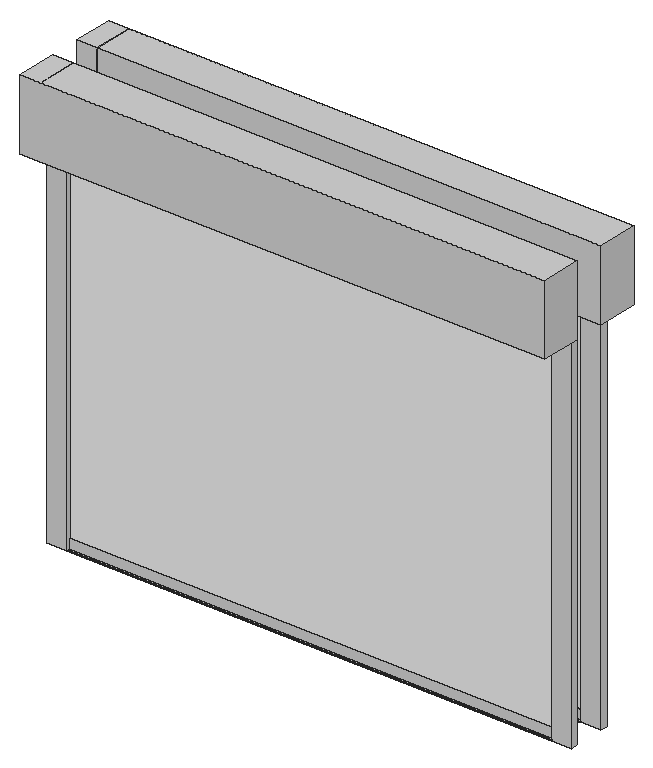
Revit family "DSI-FW119_Smoke-and-Fire-Curtain_Over-Under-Headbox_Door-Systems", category Doors, host Wall, Revit 2021
Family settings
  Host = Wall
  OmniClass Number = 23.30.10.00
  OmniClass Title = Doors
  Always vertical = Yes
  Cut with Voids When Loaded = No
  Shared = No
  Room Calculation Point = No
Parameters (values of type "12" x 21" Head-box #3")
  Wall Thickness_Calc [instance] = if(Wall Thickness > 0' 5 3/4", Wall Thickness, 0' 5 3/4")  # 0' - 9"
  Wall Thickness [instance] = 0' - 9"
  URL = "https://www.doorsysinc.com/"
  Specification = "https://www.arcat.com/company/door-systems-50183/spec"
  Product Page URL = "https://www.arcat.com/arcatcos/cos50/arc50183.html"
  Model = "DSI-FW119"
  Manufacturer = "Door Systems"
  Keynote = "08 33 44"
  Head Box Width_Calc [instance] = if(Head Box Width > 0' 9", Head Box Width, 0' 9")  # 1' - 0"
  Head Box Width = 1' - 0"
  Head Box Height_Calc [instance] = if(Head Box Height > 1' 3", Head Box Height, 1' 3")  # 1' - 9"
  Head Box Height = 1' - 9"
  Function = Interior
  Frame Projection Ext. = 0' - 1"
  Frame Projection Int. = 0' - 1"
  Frame Width = 0' - 3"
  Height = 9' - 0"
  Wall Closure = By host
  Width = 7' - 0"
  Frame Finish = Metal - Steel - Primed
  Define Thermal Properties by = Schematic Type
  CurtainDrop_Viz = yes
  Curtain Finish = HS690-SS FABRIC- FW119
  Copyright = "Arcat, Inc."
  Clear Opening Width [instance] = 12' - 0"
  Clear Opening Height [instance] = 9' - 0"
  CAD Details = "https://www.arcat.com/company/door-systems-50183/cad"
  Analytic Construction = "<None>"
Types (3): name | Head Box Width_Calc | Head Box Width | Head Box Height_Calc | Head Box Height | Clear Opening Height
  9" x 15" Head-box #1 | 0' - 9" | 0' - 9" | 1' - 3" | 1' - 3" | 12' - 0"
  10" x 18" Head-box #2 | 0' - 10" | 0' - 10" | 1' - 6" | 1' - 6" | 9' - 0"
  12" x 21" Head-box #3 | 1' - 0" | 1' - 0" | 1' - 9" | 1' - 9" | 9' - 0"
Reference planes (in)
  plane 1 "Center (Front/Back)": y = 0
  plane 2 "Center (Left/Right)": x = 0
  plane 3 "Left": x = -72
  plane 4 "Right": x = 72
  plane 5 "Top": z = 108
  plane 6 "Exterior": y = 4
  plane 7 "Interior": y = -4
  plane 8: y = 4.5
  plane 9: y = -4.5
  plane 10: y = 6.5
  plane 11: y = 5.5
  plane 12: y = -5.5
  plane 13: y = -6.5
Forms (in)
  Extrusion 1, solid, material "HS690-SS FABRIC- FW119" <- "Curtain Finish"
    sketch origin (0, 0, 0) x (1, 0, 0) y (0, 1, 0)
      loop
        line (-72, 5.57812) -> (-72, 5.42187) -> (72, 5.42187) -> (72, 5.57812) -> (-72, 5.57812)
    from 0 to 108
  Sweep 2, solid, material "Metal - Steel - Primed" <- "Frame Finish"
    path origin (0, 7.5, -36) x (1, 0, 0) y (0, 0, 1)
      loop
        line (-78, 144) -> (78, 144)
    profile origin (0, 7.5, 108) x (0, 0, 1) y (0, -1, 0)
      loop
        line (21, 3) -> (0, 3) -> (0, -9) -> (21, -9) -> (21, 3)
  Sweep 3, solid, material "Metal - Steel - Primed" <- "Frame Finish", visible <- "CurtainDrop_Viz"
    path origin (0, 0, 0) x (1, 0, 0) y (0, 1, 0)
      loop
        line (72, 5.5) -> (-72, 5.5)
    profile origin (0, 5.5, 0) x (0, -1, 0) y (0, 0, 1)
      loop
        line (-1, 0.125) -> (-1, 0) -> (-0.07812, 0) -> (-0.07812, 3) -> (-0.20312, 3) -> (-0.20312, 0.125) -> (-1, 0.125)
      loop
        line (1, 0) -> (1, 0.125) -> (0.20313, 0.125) -> (0.20313, 3) -> (0.07813, 3) -> (0.07813, 0) -> (1, 0)
  Sweep 4, solid, material "Metal - Steel - Primed" <- "Frame Finish"
    path origin (0, -7.5, -36) x (1, 0, 0) y (0, 0, -1)
      loop
        line (-78, -144) -> (78, -144)
    profile origin (0, -7.5, 108) x (0, 0, -1) y (0, 1, 0)
      loop
        line (-21, 3) -> (-21, -9) -> (0, -9) -> (0, 3) -> (-21, 3)
  Extrusion 5, solid, material "Metal - Steel - Primed" <- "Frame Finish"
    sketch origin (0, 0, 0) x (1, 0, 0) y (0, 1, 0)
      loop
        line (-72, 6.5) -> (-78, 6.5) -> (-78, 4.5) -> (-72, 4.5) -> (-72, 5.375) -> (-73.25, 5.375) -> (-73.25, 5.625) -> (-72, 5.625) -> (-72, 6.5)
      loop
        line (72, 4.5) -> (78, 4.5) -> (78, 6.5) -> (72, 6.5) -> (72, 5.625) -> (73.24883, 5.625) -> (73.24883, 5.375) -> (72, 5.375) -> (72, 4.5)
    from 0 to 108
  Extrusion 6, solid, material "Metal - Steel - Primed" <- "Frame Finish"
    sketch origin (0, 0, 0) x (1, 0, 0) y (0, 1, 0)
      loop
        line (-72, -4.5) -> (-78, -4.5) -> (-78, -6.5) -> (-72, -6.5) -> (-72, -5.625) -> (-73.25, -5.625) -> (-73.25, -5.375) -> (-72, -5.375) -> (-72, -4.5)
      loop
        line (78, -4.5) -> (72, -4.5) -> (72, -5.375) -> (73.24883, -5.375) -> (73.24883, -5.625) -> (72, -5.625) -> (72, -6.5) -> (78, -6.5) -> (78, -4.5)
    from 0 to 108
  Extrusion 7, solid, material "HS690-SS FABRIC- FW119" <- "Curtain Finish"
    sketch origin (0, 0, 0) x (1, 0, 0) y (0, 1, 0)
      loop
        line (-72, -5.57812) -> (72, -5.57812) -> (72, -5.42187) -> (-72, -5.42187) -> (-72, -5.57812)
    from 0 to 108
  Sweep 8, solid, material "Metal - Steel - Primed" <- "Frame Finish", visible <- "CurtainDrop_Viz"
    path origin (0, 0, 0) x (1, 0, 0) y (0, 1, 0)
      loop
        line (72, -5.5) -> (-72, -5.5)
    profile origin (0, -5.5, 0) x (0, -1, 0) y (0, 0, 1)
      loop
        line (1, 0.125) -> (0.20312, 0.125) -> (0.20312, 3) -> (0.07812, 3) -> (0.07812, 0) -> (1, 0) -> (1, 0.125)
      loop
        line (-1, 0) -> (-0.07813, 0) -> (-0.07813, 3) -> (-0.20313, 3) -> (-0.20313, 0.125) -> (-1, 0.125) -> (-1, 0)
  Extrusion 9, void
    sketch origin (0, 0, 0) x (0, 1, 0) y (0, 0, 1)
      loop
        line (16.375, 128.875) -> (4.625, 128.875) -> (4.625, 108.125) -> (16.375, 108.125) -> (16.375, 128.875)
      loop
        line (-4.625, 128.875) -> (-16.375, 128.875) -> (-16.375, 108.125) -> (-4.625, 108.125) -> (-4.625, 128.875)
    from -72 to 72
Cuts and joins
  Extrusion 9 cuts Sweep 2
  Extrusion 9 cuts Sweep 4
Lines and regions (in)
  Opening 1
    outline origin (-90, -4, 0) x (1, 0, 0) y (0, 0, 1)
      loop
        line (18, 0) -> (162, 0) -> (162, 129) -> (18, 129) -> (18, 0)
Text (in)
  text "Exterior" at (-74.96733, 27.31104, 0), in view "Ref. Level"
  text "Interior" at (-74.96733, -25.14366, 0), in view "Ref. Level"
  text "Exterior" at (0, 40.15149, 123.01588), in view "Right"
  text "Interior" at (0, -64.39139, 123.01588), in view "Right"
  text "Interior" at (0, -31.01599, 123.00693), in view "Left"
  text "Exterior" at (0, 54.57065, 123.00693), in view "Left"
Dimensions and locks (in)
  equal spacing: plane 3 "Left", plane 2 "Center (Left/Right)", plane 4 "Right"
  "Clear Opening Height": level to plane 5 "Top"
  plane 3 "Left" to plane 4 "Right" = 12' - 0"
  host wall to plane 5 "Top" = 9' - 0"
  locked: Extrusion 1 sketch curve to Extrusion 1 sketch curve at 0.15625
  Extrusion 1 sketch curve to Extrusion 1 sketch curve = 0' - 0 5/32"
  locked: Sweep 3 sketch curve to Sweep 3 sketch curve at 0.125
  "Wall Thickness_Calc": plane 8 to plane 9
  equal spacing: plane 8, plane 1 "Center (Front/Back)", plane 9
  "Head Box Width_Calc": Sweep 2 sketch curve to Sweep 2 sketch curve
  "Head Box Height_Calc": Sweep 2 sketch curve to Sweep 2 sketch curve
  locked: plane 8 to plane 10 at 2
  "Clear Opening Width": plane 3 "Left" to plane 4 "Right"
  Extrusion 5 sketch curve to Extrusion 5 sketch curve to plane 3 "Left" to Extrusion 5 sketch curve = 0' - 4 3/4" locked, 0' - 1 1/4" locked, 0' - 0" locked
  Extrusion 5 sketch curve to plane 4 "Right" to Extrusion 5 sketch curve to Extrusion 5 sketch curve = 0' - 0" locked, 0' - 1.24883" locked, 0' - 4.75117" locked
  locked: Extrusion 5 sketch curve to plane 10 at 0.875  (x2)
  locked: plane 8 to Extrusion 5 sketch curve at 0.875
  locked: Extrusion 5 sketch curve to plane 8 at 0.875
  equal spacing: plane 10, plane 11, plane 8
  locked: plane 9 to plane 13 at 2
  equal spacing: plane 9, plane 12, plane 13
  Extrusion 6 sketch curve to Extrusion 6 sketch curve to plane 3 "Left" to Extrusion 6 sketch curve = 0' - 4 3/4" locked, 0' - 1 1/4" locked, 0' - 0" locked
  locked: plane 9 to Extrusion 6 sketch curve at 0.875  (x2)
  locked: Extrusion 6 sketch curve to plane 13 at 0.875  (x2)
  Extrusion 6 sketch curve to plane 4 "Right" to Extrusion 6 sketch curve to Extrusion 6 sketch curve = 0' - 0" locked, 0' - 1.24883" locked, 0' - 4.75117" locked
  "Head Box Width_Calc": Sweep 4 sketch curve to Sweep 4 sketch curve
  "Head Box Height_Calc": Sweep 4 sketch curve to profile plane
  locked: Extrusion 7 sketch curve to Extrusion 7 sketch curve at 0.15625
  Extrusion 7 sketch curve to Extrusion 7 sketch curve = 0' - 0 5/32"
  locked: Sweep 8 sketch curve to Sweep 8 sketch curve at 0.125
  locked: Sweep 2 to Extrusion 9 sketch curve at 0.125  (x2)
  locked: Extrusion 9 sketch curve to Sweep 2 at 0.125
  locked: Sweep 4 to Extrusion 9 sketch curve at 0.125  (x3)
  locked: cut or joined group of Sweep 2, Extrusion 9 to Extrusion 9 sketch curve at 0.125
  locked: Extrusion 9 sketch curve to cut or joined group of Sweep 4, Extrusion 9 at 0.125
  aligned and locked: Opening 1 sketch curve to level
  aligned and locked: plane 6 "Exterior" to host wall
  aligned and locked: host wall to plane 7 "Interior"
  aligned and locked: Sweep 3 sketch curve to Sweep 3 sketch curve
  aligned and locked: Sweep 2 to plane 5 "Top"
  aligned and locked: Sweep 2 sketch curve to plane 5 "Top"  (x2)
  aligned and locked: Extrusion 5 sketch curve to Extrusion 5 sketch curve  (x2)
  aligned and locked: Extrusion 5 sketch curve to plane 10  (x2)
  aligned and locked: plane 8 to Extrusion 5 sketch curve  (x2)
  aligned and locked: Extrusion 5 to plane 5 "Top"
  aligned and locked: Sweep 2 sketch curve to plane 8
  aligned and locked: plane 11 to Sweep 3 sketch curve
  aligned and locked: plane 3 "Left" to Sweep 3 sketch curve
  aligned and locked: plane 4 "Right" to Sweep 3 sketch curve
  aligned and locked: Extrusion 1 sketch curve to Sweep 3
  aligned and locked: Extrusion 1 to plane 5 "Top"
  aligned and locked: plane 9 to Extrusion 6 sketch curve  (x2)
  aligned and locked: Extrusion 6 sketch curve to plane 13  (x2)
  aligned and locked: Extrusion 6 sketch curve to Extrusion 6 sketch curve
  aligned and locked: Extrusion 6 to plane 5 "Top"
  aligned and locked: Sweep 4 sketch curve to plane 5 "Top"
  aligned and locked: plane 9 to Sweep 4 sketch curve
  aligned and locked: plane 5 "Top" to Sweep 4 sketch curve
  aligned and locked: Sweep 4 sketch curve to Extrusion 6
  aligned and locked: Extrusion 6 to Sweep 4 sketch curve
  aligned and locked: Sweep 2 sketch curve to Extrusion 6
  aligned and locked: Extrusion 6 to Sweep 2 sketch curve
  aligned and locked: Sweep 8 sketch curve to Sweep 8 sketch curve
  aligned and locked: Extrusion 7 sketch curve to Sweep 8
  aligned and locked: Sweep 2 to Opening 1 sketch curve
  aligned and locked: Extrusion 9 to plane 4 "Right"
  aligned and locked: plane 3 "Left" to Extrusion 9
  aligned and locked: plane 3 "Left" to Opening 1 sketch curve
  aligned and locked: plane 4 "Right" to Opening 1 sketch curve
  aligned and locked: Extrusion 7 to plane 5 "Top"
Automatic sketch dimensions
  Extrusion 1 sketch curve to plane 3 "Left" = 0' - 0"
  Extrusion 1 sketch curve to plane 4 "Right" = 0' - 0"
  Sweep 3 sketch curve to profile plane = 0' - 0"  (x2)
  profile plane to Sweep 3 sketch curve = 0' - 0 1/8"
  profile plane to Sweep 3 sketch curve = 0' - 1"
  profile plane to Sweep 3 sketch curve = 0' - 0 13/64"
  Sweep 3 sketch curve to profile plane = 0' - 0 5/64"
  Sweep 3 sketch curve to Sweep 3 sketch curve = 0' - 0 1/8"
  Sweep 3 sketch curve to Sweep 3 sketch curve = 0' - 0 51/64"
  Sweep 3 sketch curve to Sweep 3 sketch curve = 0' - 2 7/8"
  Sweep 3 sketch curve to Sweep 3 sketch curve = 0' - 0"
  Extrusion 6 sketch curve to plane 3 "Left" = 0' - 0"
  Extrusion 7 sketch curve to plane 3 "Left" = 0' - 0"
  Extrusion 7 sketch curve to plane 4 "Right" = 0' - 0"
  Sweep 8 sketch curve to plane 3 "Left" = 0' - 0"
  Sweep 8 sketch curve to plane 4 "Right" = 0' - 0"
  plane 12 to Sweep 8 sketch curve = 0' - 0"
  Sweep 8 sketch curve to profile plane = 0' - 0"  (x2)
  profile plane to Sweep 8 sketch curve = 0' - 1"
  profile plane to Sweep 8 sketch curve = 0' - 0 13/64"
  profile plane to Sweep 8 sketch curve = 0' - 0 5/64"
  Sweep 8 sketch curve to profile plane = 0' - 0 5/64"
  profile plane to Sweep 8 sketch curve = 0' - 0 1/8"
  Sweep 8 sketch curve to Sweep 8 sketch curve = 0' - 0 51/64"
  Sweep 8 sketch curve to Sweep 8 sketch curve = 0' - 2 7/8"
  Sweep 8 sketch curve to Sweep 8 sketch curve = 0' - 0"
